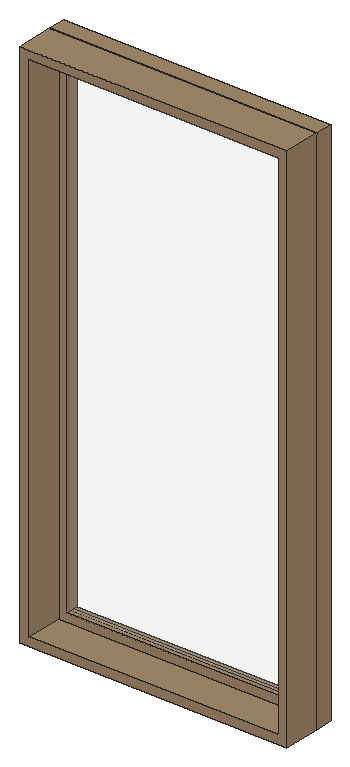
Revit family "1.00X2.00_VwWindow", category Windows, host Wall, Revit 2021
Family settings
  Host = Wall
  OmniClass Number = 23.30.20.17.11
  OmniClass Title = Fixed Windows
  Always vertical = Yes
  Cut with Voids When Loaded = No
  Shared = No
  Room Calculation Point = No
Parameters (values of type "1.5 x 2")
  Visual Light Transmittance = 0.9
  Thermal Resistance (R) = 1.53941 (h·ft²·°F)/BTU
  Solar Heat Gain Coefficient = 0.78
  Define Thermal Properties by = Schematic Type
  Construction Type Id = "GSP4R"
  Heat Transfer Coefficient (U) = 0.6496 BTU/(h·ft²·°F)
  Assembly Code = "B2020100"
  Glass Pane Material = Glass
  Height = 2.00 m
  Sash Material = Sash
  Default Sill Height = 0.9144 m
  Wall Closure = By host
  Width = 1.00 m
  Window Inset = 0.01905 m
  Analytic Construction = "1/8 in Pilkington single glazing"
Types (4, lengths in m): name | Height | Width
  1.5 x 2 | 2.00 | 1.00
  2 x 2 | 2.06 | 2.06
  0.53 | 2.10 | 0.53
  1 x 2 | 2.00 | 1.00
Reference planes (m)
  plane 1: y = 0
  plane 2: z = 0
  plane 3 "Center": x = -0.0381
  plane 4 "Left": x = -0.5381
  plane 5 "Right": x = 0.4619
  plane 6 "Sill": z = 0.9144
  plane 7 "Top": z = 2.9144
  plane 8: y = 0.1016
  plane 9: y = -0.1016
  plane 10: y = 0.08255
  plane 11: x = -0.51905
  plane 12: x = -0.50635
  plane 13: x = 0.44285
  plane 14: x = 0.43015
  plane 15: z = 2.89535
  plane 16: z = 2.88265
  plane 17: z = 0.94615
  plane 18 "Closure": y = 0.053975
Forms (m)
  Extrusion 1, solid, material "Sash" <- "Sash Material"
    sketch origin (0, 0, 0) x (1, 0, 0) y (0, 0, 1)
      loop
        line (-0.5381, 2.9144) -> (-0.5381, 0.9144) -> (0.4619, 0.9144) -> (0.4619, 2.9144) -> (-0.5381, 2.9144)
      loop
        line (-0.51905, 2.89535) -> (-0.51905, 0.93345) -> (0.44285, 0.93345) -> (0.44285, 2.89535) -> (-0.51905, 2.89535)
    from -0.1016 to -0.0381
  Extrusion 2, solid, material "Sash" <- "Sash Material"
    sketch origin (0, 0, 0) x (-1, 0, 0) y (0, 0, 1)
      loop
        line (-0.4619, 2.9144) -> (-0.4619, 0.9144) -> (0.5381, 0.9144) -> (0.5381, 2.9144) -> (-0.4619, 2.9144)
      loop
        line (-0.43015, 2.88265) -> (-0.43015, 0.94615) -> (0.50635, 0.94615) -> (0.50635, 2.88265) -> (-0.43015, 2.88265)
    from 0.0381 to -0.1016
  Extrusion 3, solid, material "Sash" <- "Sash Material"
    sketch origin (0, 0, 0) x (-1, 0, 0) y (0, 0, 1)
      loop
        line (-0.44285, 2.89535) -> (-0.44285, 0.93345) -> (0.51905, 0.93345) -> (0.51905, 2.89535) -> (-0.44285, 2.89535)
      loop
        line (-0.3984, 2.8509) -> (-0.3984, 0.9779) -> (0.4746, 0.9779) -> (0.4746, 2.8509) -> (-0.3984, 2.8509)
    from 0.0381 to 0.08255
  Extrusion 4, solid, material "Glass" <- "Glass Pane Material"
    sketch origin (-0.124971, 0, -0.117036) x (1, 0, 0) y (0, 0, 1)
      loop
        line (-0.349629, 2.967936) -> (-0.349629, 1.094936) -> (0.523371, 1.094936) -> (0.523371, 2.967936) -> (-0.349629, 2.967936)
    from -0.066675 to -0.053975
Lines and regions (m)
  Opening 1
    outline origin (-1.524, -0.1016, 0) x (1, 0, 0) y (0, 0, 1)
      loop
        line (0.9859, 2.9144) -> (0.9859, 0.9144) -> (1.9859, 0.9144) -> (1.9859, 2.9144) -> (0.9859, 2.9144)
  symbolic lines, style "WindowsFrameMullionProjection"
    curve 1: line (-0.5381, 0.1016, 0) -> (-0.51905, 0.1016, 0)
    curve 2: line (-0.51905, 0.0381, 0) -> (-0.51905, 0.1016, 0)
    curve 3: line (-0.51905, 0.0381, 0) -> (-0.50635, 0.0381, 0)
    curve 4: line (-0.50635, -0.1016, 0) -> (-0.50635, 0.0381, 0)
    curve 5: line (0.4619, 0.1016, 0) -> (0.44285, 0.1016, 0)
    curve 6: line (0.43015, 0.0381, 0) -> (0.43015, -0.1016, 0)
    curve 7: line (0.43015, 0.0381, 0) -> (0.44285, 0.0381, 0)
    curve 8: line (0.44285, 0.0381, 0) -> (0.44285, 0.1016, 0)
    curve 9: line (-0.51905, 0.08255, 0) -> (-0.4746, 0.08255, 0)
    curve 10: line (-0.51905, 0.08255, 0) -> (-0.51905, 0.0381, 0)
    curve 11: line (-0.51905, 0.0381, 0) -> (-0.4746, 0.0381, 0)
    curve 12: line (-0.4746, 0.08255, 0) -> (-0.4746, 0.0381, 0)
    curve 13: line (0.44285, 0.08255, 0) -> (0.3984, 0.08255, 0)
    curve 14: line (0.44285, 0.08255, 0) -> (0.44285, 0.0381, 0)
    curve 15: line (0.44285, 0.0381, 0) -> (0.3984, 0.0381, 0)
    curve 16: line (0.3984, 0.08255, 0) -> (0.3984, 0.0381, 0)
    curve 18: line (-0.50635, -0.1016, 0) -> (-0.5381, -0.1016, 0)
    curve 19: line (0.43015, -0.1016, 0) -> (0.4619, -0.1016, 0)
  symbolic lines, style "WindowsGlassProjection"
    curve 17: line (-0.4746, 0.060325, 0) -> (0.3984, 0.060325, 0)
Text (m)
  text "EXTERIOR" at (-1.437207, 1.354346, 0), in view "Floor Line"
  text "INTERIOR" at (-1.490695, -1.070518, 0), in view "Floor Line"
  text "Exterior" at (0, 1.10887, 3.415022), in view "Left"
  text "Exterior" at (0, 0.464664, 3.176206), in view "Right"
Dimensions and locks (m)
  equal spacing: plane 4 "Left", plane 3 "Center", plane 5 "Right"
  "Width": plane 4 "Left" to plane 5 "Right"
  plane 2 to plane 6 "Sill" to plane 16 to plane 7 "Top" = 0.9144 m, 1.96825 m, 0.03175 m
  "Window Inset": plane 8 to plane 10
  locked: plane 10 to Extrusion 3 at 0.04445
  locked: plane 10 to Extrusion 4 at 0.015875
  locked: Extrusion 4 to Extrusion 4 at 0.0127
  locked: plane 4 "Left" to plane 11 at 0.01905
  locked: plane 13 to plane 5 "Right" at 0.01905
  locked: plane 14 to plane 5 "Right" at 0.03175
  locked: plane 4 "Left" to plane 12 at 0.03175
  locked: plane 15 to plane 7 "Top" at 0.01905
  locked: plane 7 "Top" to plane 16 at 0.03175
  locked: plane 17 to plane 6 "Sill" at 0.03175
  "Height": plane 7 "Top" to plane 6 "Sill"
  "Default Sill Height": plane 6 "Sill" to plane 2
  locked: plane 10 to plane 18 "Closure" at 0.028575
  aligned and locked: plane 7 "Top" to Opening 1 sketch curve
  aligned and locked: plane 6 "Sill" to Opening 1 sketch curve  (x2)
  aligned and locked: plane 5 "Right" to Opening 1 sketch curve
  aligned and locked: plane 4 "Left" to Opening 1 sketch curve
  aligned and locked: plane 9 to host wall
  aligned and locked: host wall to Extrusion 2
  aligned and locked: plane 10 to Extrusion 3
  aligned and locked: plane 8 to host wall
  aligned and locked: host wall to Extrusion 1
  aligned and locked: Extrusion 2 to Extrusion 1
  aligned and locked: Extrusion 1 to Extrusion 3
  aligned and locked: Extrusion 4 sketch curve to Extrusion 3  (x4)
  aligned and locked: curve 5 to Extrusion 1  (x2)
  aligned and locked: curve 6 to Extrusion 2
  aligned and locked: curve 4 to Extrusion 2
  aligned and locked: curve 16 to Extrusion 3
  aligned and locked: Extrusion 1 to curve 11
  aligned and locked: Extrusion 1 to curve 7
Automatic sketch dimensions
  Extrusion 1 sketch curve to plane 4 "Left" = 0.00 m
  Extrusion 1 sketch curve to plane 5 "Right" = 0.00 m
  Extrusion 1 sketch curve to plane 4 "Left" = 0.01905 m
  plane 5 "Right" to Extrusion 1 sketch curve = 0.01905 m
  Extrusion 1 sketch curve to plane 6 "Sill" = 0.00 m
  Extrusion 1 sketch curve to plane 7 "Top" = 0.00 m
  Extrusion 1 sketch curve to plane 6 "Sill" = 0.01905 m
  plane 7 "Top" to Extrusion 1 sketch curve = 0.01905 m
  Extrusion 2 sketch curve to plane 5 "Right" = 0.00 m
  Extrusion 2 sketch curve to plane 4 "Left" = 0.00 m
  plane 5 "Right" to Extrusion 2 sketch curve = 0.03175 m
  Extrusion 2 sketch curve to plane 4 "Left" = 0.03175 m
  Extrusion 2 sketch curve to plane 6 "Sill" = 0.00 m
  Extrusion 2 sketch curve to plane 7 "Top" = 0.00 m
  Extrusion 2 sketch curve to plane 6 "Sill" = 0.03175 m
  plane 7 "Top" to Extrusion 2 sketch curve = 0.03175 m
  plane 5 "Right" to Extrusion 3 sketch curve = 0.01905 m
  plane 5 "Right" to Extrusion 3 sketch curve = 0.0635 m
  Extrusion 3 sketch curve to plane 4 "Left" = 0.0635 m
  Extrusion 3 sketch curve to plane 4 "Left" = 0.01905 m
  Extrusion 3 sketch curve to plane 6 "Sill" = 0.01905 m
  Extrusion 3 sketch curve to plane 6 "Sill" = 0.0635 m
  plane 7 "Top" to Extrusion 3 sketch curve = 0.0635 m
  plane 7 "Top" to Extrusion 3 sketch curve = 0.01905 m
  curve 18 to plane 4 "Left" = 0.00 m
  curve 1 to plane 4 "Left" = 0.00 m
  curve 2 to plane 8 = 0.00 m
  curve 10 to plane 10 = 0.00 m
  curve 13 to plane 10 = 0.00 m
  curve 19 to plane 5 "Right" = 0.00 m
  curve 1 to curve 2 = 0.01905 m
  curve 9 to curve 12 = 0.04445 m
  plane 5 "Right" to curve 13 = 0.01905 m
  curve 19 to plane 9 = 0.00 m
  curve 4 to plane 9 = 0.00 m
  curve 11 to curve 17 = 0.022225 m
